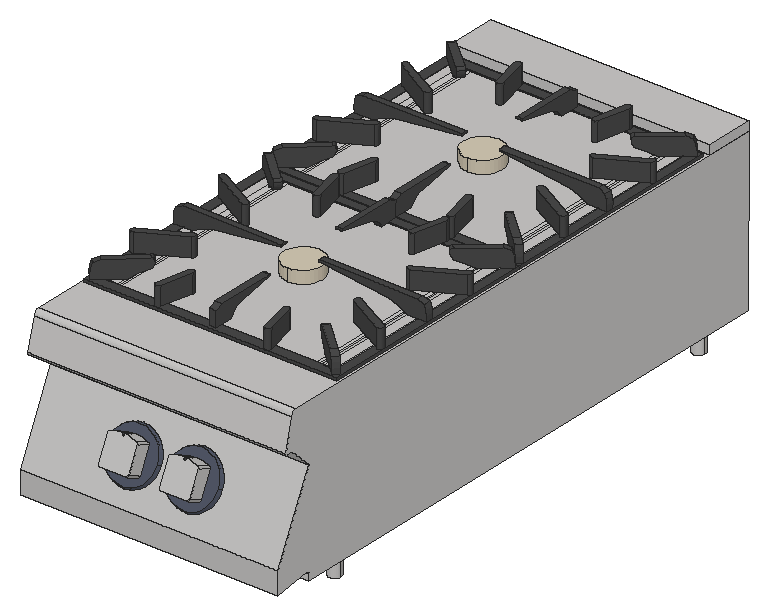
Revit family "QF_ZANUSSI_392001_Z9GCGD2S0M", category Specialty Equipment, Revit 2018
Family settings
  Round Connector Dimension = Use Diameter
  Part Type = Normal
  Work Plane-Based = No
  Always vertical = Yes
  Cut with Voids When Loaded = No
  Shared = No
  Room Calculation Point = No
Parameters
  Weight in Pounds = 43
  Weight = 0.00 kg
  Watts = 0 W
  Volts = 0 V
  URL Manufacturer = "http://www.zanussiprofessional.com"
  URL Cutsheet = "www.electrolux.com"
  URL = "http://www.zanussiprofessional.com"
  Type Mark [instance] = ""
  Steam Supply Size = 0"
  Steam Supply Minimum Pressure = 0.00 psi
  Steam Supply Maximum Pressure = 0.00 psi
  Steam Pounds per Hour = 0
  Refrigeration Suction Line Size = 0"
  Refrigeration Liquid Line Size = 0"
  Refrigerant Compressor Remote = yes
  Phase = 0
  Length Actual = 400 mm  # constant formula
  Hot Water Size = 0"
  Height Actual = 250 mm  # constant formula
  HP = "0 HP"
  Direct Waste Size = 0"
  Depth Actual = 900 mm  # constant formula
  Cycle = 0 Hz
  Condensate Return Size = 0"
  Compressed Air Volume = 0 GPM
  Compressed Air Size = 0"
  Compressed Air Pressure = 0.00 psi
  Type Comments = ""
  Status [instance] = ""
  Specification by User [instance] = ""
  Specification by Manufacturer = ""
  Show Logo [instance] = yes
  Show Clearance [instance] = yes
  Serial Number = ""
  Seismic Rating = ""
  SMACNA No = ""
  Revision Code [instance] = ""
  Omniclass Number and Title = ""
  NAFEM Spec ID Number = ""
  Model = "Z9GCGD2S0M"
  Mechanical Remarks [instance] = ""
  Mechanical Connection Type [instance] = ""
  Masterspec = ""
  Manufacturer = "Zanussi"
  Item Number [instance] = "392001"
  Installed By [instance] = ""
  Identify Quantity as Lot [instance] = yes
  Gas Size = 1/2"
  Gas RI Height [instance] = 0 mm
  Gas KW [instance] = 20
  Gas Input [instance] = 0.672036 Btu/h
  Gas Connection Height = 0 mm
  Furnished By [instance] = ""
  Foodservice Equipment Identifier [instance] = yes
  Description = "2-BURNER (10KW) GAS BOILING TOP 400 MM"
  Cold Water Size = 0"
  CSI MasterFormat = ""
  CSI Master Format = ""
  Accessory = yes
Reference planes
  plane 1 "BACK": y = 0
  plane 2: z = 0
  plane 3 "LEFT": x = 0
  plane 4 "RIGHT": x = 400.05
  plane 5 "FRONT": y = -915
  plane 6 "TOP": z = 309.563
  plane 7 "Center Y": x = 200.025
  plane 8 "Center X": y = -457.5
  plane 9: z = 23.812
  plane 10: z = 274.638
  plane 11: y = -82
  plane 12: x = 347.663
  plane 13: y = -900.275
  plane 14: y = -790
  plane 15: y = -666
  plane 16: y = -609
  plane 17: x = 249.05
Forms (mm)
  Extrusion 1, solid, material "QF_Finishes_Stainless Steel"
    sketch origin (0, 0, 0) x (0, 1, 0) y (0, 0, 1)
      loop
        line (0, 23.813) -> (0, 273.813) -> (-879.358, 273.813)
        arc (-879.358, 273.813) -> (-884.643, 271.623) -> (-886.833, 266.338) r 7.474
        line (-886.833, 266.338) -> (-899.884, 220.823)
        arc (-899.884, 220.823) -> (-899.396, 218.191) -> (-897, 216.996) r 3
        line (-897, 216.996) -> (-886.802, 216.996) -> (-854.982, 185.177) -> (-915, 64.321) -> (-915, 29.321) -> (-858.645, 37.241)
        arc (-858.645, 37.241) -> (-856.101, 36.487) -> (-855, 34.072) r 3.2
        line (-855, 34.072) -> (-855, 23.813) -> (0, 23.813)
    from 0 to 400.05
  Extrusion 2, solid, material "QF_Finishes_Stainless Steel"
    sketch origin (0, -836.697, 23.813) x (1, 0, 0) y (0, -1, 0)
      loop
        circle (388.937, -754.697) r 9.5
      loop
        circle (388.937, -46.697) r 9.5
      loop
        circle (11.112, -754.697) r 9.5
      loop
        circle (11.112, -61.972) r 9.5
    from 0 to 23.812
  Extrusion 3, solid, material "QF_Finishes_Stainless Steel"
    sketch origin (0, -836.697, 23.813) x (1, 0, 0) y (0, -1, 0)
      loop
        circle (347.663, -170.697) r 6.4
      loop
        circle (249.05, -227.697) r 6.4
    from 0 to 20
  Extrusion 4, solid, material "QF_Finishes_Stainless Steel"
    sketch origin (0, 0, 0) x (0, 1, 0) y (0, 0, 1)
      loop
        line (0, 274.638) -> (0, 288.925) -> (-75.65, 288.925) -> (-75.65, 274.638) -> (0, 274.638)
    from 0 to 400.05
  Extrusion 5, solid, material "QF_Clearances", visible <- "Show Clearance", detail levels coarse
    sketch origin (0, 0, 0) x (1, 0, 0) y (0, 1, 0)
      loop
        line (0, -915) -> (0, 0) -> (400.05, 0) -> (400.05, -914.604) -> (500.063, -914.604) -> (500.063, 100.013) -> (-100.012, 100.013) -> (-100.012, -915) -> (0, -915)
    from 0 to 309.562
  Blend 6, solid, material "QF_Finishes_Navy Blue"
    base sketch origin (152.525, -884.991, 124.749) x (1, 0, 0) y (0, 0.444781, 0.895639)
      loop
        circle (0, 0) r 42.5
    top sketch origin (152.525, -884.991, 124.749) x (1, 0, 0) y (0, 0.444781, 0.895639)
      loop
        circle (0, 0) r 40.5
    from 0 to 5
  Extrusion 7, solid, material "QF_Finishes_Stainless Steel"
    sketch origin (152.525, -884.991, 124.749) x (1, 0, 0) y (0, 0.444781, 0.895639)
      loop
        arc (-21.147, 22.789) -> (-22.494, 21.685) -> (-23, 20.019) r 2.997
        line (-23, 20.019) -> (-23, -20.019)
        arc (-23, -20.019) -> (-22.122, -22.138) -> (-20.003, -23.016) r 2.997
        line (-20.003, -23.016) -> (20.003, -23.016)
        arc (20.003, -23.016) -> (22.122, -22.138) -> (23, -20.019) r 2.997
        line (23, -20.019) -> (23, 20.019)
        arc (23, 20.019) -> (22.494, 21.685) -> (21.147, 22.789) r 2.997
        arc (21.147, 22.789) -> (0, 26.984) -> (-21.147, 22.789) r 55.4
    from 10 to 34
  Extrusion 8, solid, material "QF_Plastic-Black-Matte"
    sketch origin (210.025, -884.991, 124.749) x (0, 0.444781, 0.895639) y (0, -0.895639, 0.444781)
      loop
        line (26.984, 34) -> (26.984, 19) -> (27.984, 19) -> (27.984, 34)
        arc (27.984, 34) -> (27.691, 34.707) -> (26.984, 35) r 1
        line (26.984, 35) -> (23.984, 35) -> (23.984, 34) -> (26.984, 34)
    from -58.5 to -56.5
  Extrusion 9, solid, material "QF_Finishes_Stainless Steel"
    sketch origin (152.525, -884.991, 124.749) x (1, 0, 0) y (0, 0.444781, 0.895639)
      loop
        line (17.5, 17.5) -> (-17.5, 17.5) -> (-17.5, -17.5) -> (17.5, -17.5) -> (17.5, 17.5)
    from 5 to 10
  Blend 10, solid, material "QF_Finishes_Navy Blue"
    base sketch origin (247.525, -884.991, 124.749) x (1, 0, 0) y (0, 0.444781, 0.895639)
      loop
        circle (0, 0) r 42.5
    top sketch origin (247.525, -884.991, 124.749) x (1, 0, 0) y (0, 0.444781, 0.895639)
      loop
        circle (0, 0) r 40.5
    from 0 to 5
  Extrusion 11, solid, material "QF_Finishes_Stainless Steel"
    sketch origin (247.525, -884.991, 124.749) x (1, 0, 0) y (0, 0.444781, 0.895639)
      loop
        arc (-21.147, 22.789) -> (-22.494, 21.685) -> (-23, 20.019) r 2.997
        line (-23, 20.019) -> (-23, -20.019)
        arc (-23, -20.019) -> (-22.122, -22.138) -> (-20.003, -23.016) r 2.997
        line (-20.003, -23.016) -> (20.003, -23.016)
        arc (20.003, -23.016) -> (22.122, -22.138) -> (23, -20.019) r 2.997
        line (23, -20.019) -> (23, 20.019)
        arc (23, 20.019) -> (22.494, 21.685) -> (21.147, 22.789) r 2.997
        arc (21.147, 22.789) -> (0, 26.984) -> (-21.147, 22.789) r 55.4
    from 10 to 34
  Extrusion 12, solid, material "QF_Finishes_Stainless Steel"
    sketch origin (247.525, -884.991, 124.749) x (1, 0, 0) y (0, 0.444781, 0.895639)
      loop
        line (17.5, 17.5) -> (-17.5, 17.5) -> (-17.5, -17.5) -> (17.5, -17.5) -> (17.5, 17.5)
    from 5 to 10
  Extrusion 13, solid, material "QF_Plastic-Black-Matte"
    sketch origin (190.025, -884.991, 124.749) x (0, 0.444781, 0.895639) y (0, 0.895639, -0.444781)
      loop
        line (26.984, -34) -> (23.984, -34) -> (23.984, -35) -> (26.984, -35)
        arc (26.984, -35) -> (27.691, -34.707) -> (27.984, -34) r 1
        line (27.984, -34) -> (27.984, -19) -> (26.984, -19) -> (26.984, -34)
    from -58.5 to -56.5
Lines and regions (mm)
  Split face 1
    outline origin (152.525, -889.469, 126.972) x (1, 0, 0) y (0, 0.444781, 0.895639)
      loop
        circle (-33, 0) r 3
  Split face 2
    outline origin (158.426, -889.469, 126.972) x (1, 0, 0) y (0, 0.444781, 0.895639)
      loop
        line (-8.901, 38.561) -> (-8.901, 28.561) -> (-2.901, 28.561) -> (-2.901, 38.561) -> (-8.901, 38.561)
  Split face 3
    outline origin (158.426, -889.469, 126.972) x (1, 0, 0) y (0, 0.444781, 0.895639)
      loop
        line (-8.401, 38.061) -> (-8.401, 29.061) -> (-3.401, 29.061) -> (-3.401, 38.061) -> (-8.401, 38.061)
  Split face 4
    outline origin (178.182, -875.159, 155.788) x (-1, 0, 0) y (0, -0.444781, -0.895639)
      loop
        circle (43.456, 61.543) r 1.5
  Split face 5
    outline origin (152.525, -889.469, 126.972) x (1, 0, 0) y (0, 0.444781, 0.895639)
      loop
        circle (-24.487, 26.694) r 3.497
  Split face 6
    outline origin (158.426, -859.615, 187.089) x (1, 0, 0) y (0, 0.444781, 0.895639)
      loop
        line (-8.401, -34.061) -> (-3.401, -34.061)
  Split face 7
    outline origin (158.426, -859.615, 187.089) x (1, 0, 0) y (0, 0.444781, 0.895639)
      loop
        line (-8.401, -33.561) -> (-3.401, -33.561)
  Split face 8
    outline origin (158.426, -859.615, 187.089) x (1, 0, 0) y (0, 0.444781, 0.895639)
      loop
        circle (-5.901, -31.311) r 2.029
  Split face 9
    outline origin (253.426, -889.469, 126.972) x (1, 0, 0) y (0, 0.444781, 0.895639)
      loop
        line (-8.901, 38.561) -> (-8.901, 28.561) -> (-2.901, 28.561) -> (-2.901, 38.561) -> (-8.901, 38.561)
  Split face 10
    outline origin (253.426, -889.469, 126.972) x (1, 0, 0) y (0, 0.444781, 0.895639)
      loop
        line (-8.401, 38.061) -> (-8.401, 29.061) -> (-3.401, 29.061) -> (-3.401, 38.061) -> (-8.401, 38.061)
  Split face 11
    outline origin (253.426, -889.469, 126.972) x (1, 0, 0) y (0, 0.444781, 0.895639)
      loop
        line (-8.401, 34.061) -> (-3.401, 34.061)
  Split face 12
    outline origin (253.426, -889.469, 126.972) x (1, 0, 0) y (0, 0.444781, 0.895639)
      loop
        line (-8.401, 33.561) -> (-3.401, 33.561)
  Split face 13
    outline origin (253.426, -889.469, 126.972) x (1, 0, 0) y (0, 0.444781, 0.895639)
      loop
        circle (-5.901, 31.311) r 2.029
  Split face 14
    outline origin (247.525, -889.469, 126.972) x (1, 0, 0) y (0, 0.444781, 0.895639)
      loop
        circle (-33, 0) r 3
  Split face 15
    outline origin (273.182, -875.159, 155.788) x (-1, 0, 0) y (0, -0.444781, -0.895639)
      loop
        circle (43.456, 61.543) r 1.5
  Split face 16
    outline origin (247.525, -889.469, 126.972) x (1, 0, 0) y (0, 0.444781, 0.895639)
      loop
        circle (-24.487, 26.694) r 3.497
  symbolic lines, style "QF_Clearances", visible <- "Show Clearance", detail levels coarse
    curve 1: line (-100.013, -915, 0) -> (-100.013, 100.013, 0)
    curve 2: line (-100.012, 100.013, 0) -> (500.063, 100.013, 0)
    curve 3: line (500.063, 100.013, 0) -> (500.063, -914.604, 0)
  symbolic lines
    curve 4: line (0, 0, 0) -> (400.05, 0, 0)
    curve 5: line (400.05, 0, 0) -> (400.05, -915, 0)
    curve 6: line (0, -915, 0) -> (0, 0, 0)
    curve 7: line (0, -75.65, 0) -> (400.05, -75.65, 0)
    curve 8: line (0, -900, 0) -> (400.05, -900, 0)
    curve 9: line (129.525, -900, 0) -> (129.525, -924.347, 0)
    curve 10: arc (129.525, -924.347, 0) -> (129.671, -924.811, 0) -> (130.057, -925.107, 0) r 0.809
    curve 11: arc (130.057, -925.107, 0) -> (131.245, -925.587, 0) -> (132.522, -925.68, 0) r 4.127
    curve 12: arc (129.525, -904.292, 0) -> (124.484, -902.458, 0) -> (119.716, -900, 0) r 42.24
    curve 13: arc (129.525, -906.539, 0) -> (130.027, -905.818, 0) -> (130.824, -905.448, 0) r 1.682
    curve 14: arc (130.824, -905.448, 0) -> (141.127, -903.95, 0) -> (151.525, -903.441, 0) r 109.079
    curve 15: line (151.525, -900, 0) -> (151.525, -905.671, 0)
    curve 16: line (151.525, -905.671, 0) -> (153.525, -905.671, 0)
    curve 17: line (153.525, -905.671, 0) -> (153.525, -900, 0)
    curve 18: line (175.525, -900, 0) -> (175.525, -924.347, 0)
    curve 19: arc (175.525, -924.347, 0) -> (175.379, -924.811, 0) -> (174.993, -925.107, 0) r 0.809
    curve 20: arc (174.993, -925.107, 0) -> (173.805, -925.587, 0) -> (172.528, -925.68, 0) r 4.127
    curve 21: arc (175.525, -904.292, 0) -> (180.566, -902.458, 0) -> (185.334, -900, 0) r 42.24
    curve 22: arc (175.525, -906.539, 0) -> (175.023, -905.818, 0) -> (174.226, -905.448, 0) r 1.682
    curve 23: arc (174.226, -905.448, 0) -> (163.923, -903.95, 0) -> (153.525, -903.441, 0) r 109.079
    curve 24: line (132.522, -925.68, 0) -> (172.528, -925.68, 0)
    curve 25: line (270.525, -900, 0) -> (270.525, -924.347, 0)
    curve 26: arc (270.525, -924.347, 0) -> (270.379, -924.811, 0) -> (269.993, -925.107, 0) r 0.809
    curve 27: arc (269.993, -925.107, 0) -> (268.805, -925.587, 0) -> (267.528, -925.68, 0) r 4.127
    curve 28: arc (270.525, -904.292, 0) -> (275.566, -902.458, 0) -> (280.334, -900, 0) r 42.24
    curve 29: arc (270.525, -906.539, 0) -> (270.023, -905.818, 0) -> (269.226, -905.448, 0) r 1.682
    curve 30: arc (269.226, -905.448, 0) -> (258.923, -903.95, 0) -> (248.525, -903.441, 0) r 109.079
    curve 31: line (248.525, -900, 0) -> (248.525, -905.671, 0)
    curve 32: line (248.525, -905.671, 0) -> (246.525, -905.671, 0)
    curve 33: line (246.525, -905.671, 0) -> (246.525, -900, 0)
    curve 34: line (224.525, -900, 0) -> (224.525, -924.347, 0)
    curve 35: arc (224.525, -924.347, 0) -> (224.671, -924.811, 0) -> (225.057, -925.107, 0) r 0.809
    curve 36: arc (225.057, -925.107, 0) -> (226.245, -925.587, 0) -> (227.522, -925.68, 0) r 4.127
    curve 37: arc (224.525, -904.292, 0) -> (219.484, -902.458, 0) -> (214.716, -900, 0) r 42.24
    curve 38: arc (224.525, -906.539, 0) -> (225.027, -905.818, 0) -> (225.824, -905.448, 0) r 1.682
    curve 39: arc (225.824, -905.448, 0) -> (236.127, -903.95, 0) -> (246.525, -903.441, 0) r 109.079
    curve 40: line (267.528, -925.68, 0) -> (227.522, -925.68, 0)
    curve 41: line (175.525, -915, 0) -> (224.525, -915, 0)
    curve 42: line (270.525, -915, 0) -> (400.05, -915, 0)
    curve 43: line (0, -915, 0) -> (129.525, -915, 0)
Dimensions and locks
  equal spacing: plane 3 "LEFT", plane 7 "Center Y", plane 4 "RIGHT"
  plane 3 "LEFT" to plane 4 "RIGHT" = 400.05 mm
  equal spacing: plane 5 "FRONT", plane 8 "Center X", plane 1 "BACK"
  plane 5 "FRONT" to plane 1 "BACK" = 915 mm  (x2)
  plane 6 "TOP" to plane 2 = 309.562 mm
  plane 9 to plane 2 = 23.812 mm  (x2)
  plane 6 "TOP" to plane 10 = 34.925 mm
  plane 10 to plane 2 = 274.638 mm
  plane 4 "RIGHT" to plane 12 = 52.388 mm
  Extrusion 3 to plane 9 = 20 mm
  plane 11 to plane 1 "BACK" = 82 mm
  Extrusion 3 sketch curve to plane 4 "RIGHT" = 52.388 mm
  Extrusion 3 sketch curve to plane 1 "BACK" = 666 mm
  Extrusion 3 sketch curve to plane 4 "RIGHT" = 151 mm
  Extrusion 3 sketch curve to plane 1 "BACK" = 609 mm
  Extrusion 2 sketch curve to plane 1 "BACK" = 82 mm
  Extrusion 2 sketch curve to Extrusion 2 sketch curve = 708 mm
  plane 3 "LEFT" to Extrusion 2 sketch curve = 11.112 mm
  plane 14 to plane 11 = 708 mm
  plane 13 to plane 14 = 110.275 mm
  plane 16 to plane 1 "BACK" = 609 mm
  plane 15 to plane 1 "BACK" = 666 mm
  plane 17 to plane 4 "RIGHT" = 151 mm
  plane 13 to plane 5 "FRONT" = 14.725 mm
  aligned and locked: level to plane 2
  aligned and locked: Extrusion 2 to plane 2
  aligned and locked: Extrusion 1 to plane 4 "RIGHT"
  aligned and locked: plane 6 "TOP" to Extrusion 5
Automatic sketch dimensions
  Extrusion 4 sketch curve to plane 10 = 0 mm
  Extrusion 4 sketch curve to plane 1 "BACK" = 0 mm
  plane 11 to Extrusion 4 sketch curve = 6.35 mm
  Extrusion 4 sketch curve to Extrusion 4 sketch curve = 14.288 mm
  plane 5 "FRONT" to Extrusion 5 sketch curve = 0 mm
  plane 1 "BACK" to Extrusion 5 sketch curve = 0 mm
  Extrusion 5 sketch curve to plane 3 "LEFT" = 0 mm
  Extrusion 5 sketch curve to plane 4 "RIGHT" = 0 mm
  Extrusion 5 sketch curve to plane 3 "LEFT" = 100.012 mm
  Extrusion 5 sketch curve to plane 4 "RIGHT" = 100.013 mm
  Extrusion 5 sketch curve to plane 5 "FRONT" = 0.396 mm
  Extrusion 5 sketch curve to plane 1 "BACK" = 100.013 mm
  plane 5 "FRONT" to curve 1 = 0 mm
  curve 5 to plane 4 "RIGHT" = 0 mm
  plane 1 "BACK" to curve 4 = 0 mm
  curve 1 to curve 6 = 100.013 mm
  curve 2 to plane 4 "RIGHT" = 100.013 mm
  curve 3 to plane 5 "FRONT" = 0.396 mm
  plane 11 to curve 7 = 6.35 mm
  curve 2 to plane 1 "BACK" = 100.013 mm
  plane 9 to Extrusion 1 sketch curve = 5.508 mm
  plane 5 "FRONT" to Extrusion 1 sketch curve = 0 mm
  Extrusion 1 sketch curve to plane 10 = 53.814 mm
  Extrusion 1 sketch curve to plane 5 "FRONT" = 15.116 mm
  Extrusion 1 sketch curve to Extrusion 1 sketch curve = 2.884 mm
  Extrusion 1 sketch curve to plane 10 = 8.299 mm
  Extrusion 1 sketch curve to Extrusion 1 sketch curve = 13.051 mm
  Extrusion 1 sketch curve to plane 10 = 57.641 mm
  Extrusion 1 sketch curve to Extrusion 1 sketch curve = 10.198 mm
  Extrusion 1 sketch curve to plane 10 = 0.825 mm
  plane 9 to Extrusion 1 sketch curve = 13.428 mm
  Extrusion 1 sketch curve to Extrusion 1 sketch curve = 56.355 mm
  Extrusion 1 sketch curve to Extrusion 1 sketch curve = 0.445 mm
  Extrusion 1 sketch curve to Extrusion 1 sketch curve = 3.2 mm
  Extrusion 1 sketch curve to Extrusion 1 sketch curve = 31.82 mm  (x2)
  plane 11 to Extrusion 1 sketch curve = 82 mm
  Extrusion 1 sketch curve to Extrusion 1 sketch curve = 35 mm
  Extrusion 2 sketch curve to plane 11 = 0 mm
  plane 3 "LEFT" to Extrusion 2 sketch curve = 11.112 mm
  plane 4 "RIGHT" to Extrusion 2 sketch curve = 11.113 mm  (x2)
  plane 14 to Extrusion 2 sketch curve = 15.275 mm
  Split face 2 sketch curve to Split face 2 sketch curve = 6 mm
  Split face 2 sketch curve to Split face 2 sketch curve = 10 mm
  Split face 3 sketch curve to Split face 3 sketch curve = 5 mm
  Split face 3 sketch curve to Split face 3 sketch curve = 9 mm
  Split face 6 sketch curve to Split face 6 sketch curve = 5 mm
  Split face 7 sketch curve to Split face 7 sketch curve = 5 mm
  Split face 9 sketch curve to Split face 9 sketch curve = 6 mm
  Split face 9 sketch curve to Split face 9 sketch curve = 10 mm
  Split face 10 sketch curve to Split face 10 sketch curve = 5 mm
  Split face 10 sketch curve to Split face 10 sketch curve = 9 mm
  Split face 11 sketch curve to Split face 11 sketch curve = 5 mm
  Split face 12 sketch curve to Split face 12 sketch curve = 5 mm
  Blend 6 sketch curve to plane 7 "Center Y" = 47.5 mm  (x2)
  Extrusion 7 sketch curve to plane 7 "Center Y" = 70.5 mm
  Extrusion 7 sketch curve to Extrusion 7 sketch curve = 2.997 mm  (x3)
  Extrusion 7 sketch curve to Extrusion 7 sketch curve = 20.003 mm  (x2)
  Extrusion 7 sketch curve to plane 7 "Center Y" = 27.497 mm
  Extrusion 7 sketch curve to Extrusion 7 sketch curve = 5.399 mm
  Extrusion 7 sketch curve to Extrusion 7 sketch curve = 40.037 mm
  Extrusion 7 sketch curve to Extrusion 7 sketch curve = 0 mm  (x2)
  Extrusion 8 sketch curve to plane 10 = 112.841 mm
  Extrusion 8 sketch curve to plane 5 "FRONT" = 9.329 mm
  Extrusion 8 sketch curve to Extrusion 8 sketch curve = 3 mm
  Extrusion 8 sketch curve to Extrusion 8 sketch curve = 0 mm  (x2)
  Extrusion 8 sketch curve to Extrusion 8 sketch curve = 1 mm
  Extrusion 8 sketch curve to Extrusion 8 sketch curve = 15 mm
  Extrusion 9 sketch curve to plane 7 "Center Y" = 65 mm
  Extrusion 9 sketch curve to plane 7 "Center Y" = 30 mm
  Extrusion 9 sketch curve to Extrusion 9 sketch curve = 35 mm
  Blend 10 sketch curve to plane 17 = 1.525 mm  (x2)
  plane 7 "Center Y" to Extrusion 11 sketch curve = 24.5 mm
  Extrusion 11 sketch curve to Extrusion 11 sketch curve = 2.997 mm  (x3)
  Extrusion 11 sketch curve to plane 17 = 1.525 mm
  plane 17 to Extrusion 11 sketch curve = 18.478 mm  (x2)
  Extrusion 11 sketch curve to Extrusion 11 sketch curve = 5.399 mm
  Extrusion 11 sketch curve to Extrusion 11 sketch curve = 40.037 mm
  Extrusion 11 sketch curve to Extrusion 11 sketch curve = 0 mm  (x2)
  Extrusion 12 sketch curve to plane 17 = 19.025 mm
  plane 17 to Extrusion 12 sketch curve = 15.975 mm
  Extrusion 12 sketch curve to Extrusion 12 sketch curve = 35 mm
  Extrusion 13 sketch curve to plane 10 = 112.841 mm
  Extrusion 13 sketch curve to plane 5 "FRONT" = 9.329 mm
  Extrusion 13 sketch curve to Extrusion 13 sketch curve = 3 mm
  Extrusion 13 sketch curve to Extrusion 13 sketch curve = 0 mm
  Extrusion 13 sketch curve to Extrusion 13 sketch curve = 1 mm  (x2)
  Extrusion 13 sketch curve to Extrusion 13 sketch curve = 15 mm
  curve 6 to plane 3 "LEFT" = 0 mm
  plane 5 "FRONT" to curve 5 = 0 mm
  plane 5 "FRONT" to curve 43 = 0 mm
  plane 5 "FRONT" to curve 41 = 0 mm
  curve 10 to plane 7 "Center Y" = 69.691 mm
  curve 13 to plane 13 = 6.831 mm
  curve 10 to curve 13 = 0.774 mm
  curve 10 to curve 11 = 1.846 mm
  curve 13 to curve 12 = 10.309 mm
  curve 14 to plane 7 "Center Y" = 48.369 mm
  curve 14 to curve 23 = 1.738 mm
  curve 12 to curve 21 = 22.215 mm
  plane 5 "FRONT" to curve 20 = 6.567 mm
  curve 20 to plane 7 "Center Y" = 27.154 mm
  curve 22 to plane 13 = 6.831 mm
  curve 20 to curve 22 = 1.071 mm
  curve 35 to plane 17 = 23.716 mm
  curve 38 to plane 13 = 6.831 mm
  curve 35 to curve 38 = 0.774 mm
  curve 35 to curve 36 = 1.846 mm
  curve 37 to plane 17 = 12.633 mm
  curve 39 to plane 17 = 2.394 mm
  curve 30 to plane 17 = 0.656 mm
  plane 17 to curve 28 = 9.583 mm
  plane 5 "FRONT" to curve 27 = 6.567 mm
  plane 17 to curve 27 = 18.821 mm
  curve 29 to plane 13 = 6.831 mm
  curve 27 to curve 29 = 1.071 mm
  curve 14 to curve 10 = 88.173 mm
  curve 39 to curve 35 = 88.173 mm
  curve 39 to curve 30 = 0 mm
  curve 14 to curve 23 = 0 mm
  curve 19 to curve 20 = 2.779 mm
  curve 26 to curve 27 = 2.779 mm
  curve 35 to curve 36 = 2.779 mm
  curve 10 to curve 11 = 2.779 mm
  plane 13 to curve 21 = 36.514 mm
  plane 13 to curve 37 = 36.514 mm
  curve 37 to curve 28 = 0 mm
  curve 12 to curve 21 = 0 mm
  curve 12 to curve 13 = 11.392 mm
  curve 9 to curve 10 = 0.809 mm
  curve 11 to curve 10 = 0.277 mm
  curve 13 to curve 13 = 0.284 mm
  curve 11 to curve 11 = 2.465 mm
  curve 16 to plane 13 = 5.396 mm
  curve 13 to curve 16 = 20.417 mm
  curve 14 to curve 23 = 2 mm
  curve 20 to curve 19 = 2.189 mm
  curve 22 to curve 22 = 0.284 mm
  curve 19 to curve 20 = 0.277 mm
  curve 19 to curve 19 = 0.809 mm
  curve 23 to curve 21 = 1.299 mm
  curve 18 to curve 21 = 9.809 mm
  curve 37 to curve 38 = 11.392 mm
  curve 37 to curve 38 = 1.583 mm
  curve 35 to curve 35 = 0.277 mm
  curve 38 to curve 38 = 0.284 mm
  curve 35 to curve 40 = 2.465 mm
  curve 39 to plane 17 = 2.525 mm
  curve 32 to plane 17 = 0.525 mm
  curve 40 to curve 26 = 2.189 mm
  curve 29 to curve 29 = 0.284 mm
  curve 26 to curve 26 = 0.277 mm
  curve 26 to curve 25 = 0.809 mm
  curve 30 to curve 28 = 1.299 mm
  curve 25 to curve 28 = 9.809 mm
  curve 38 to curve 38 = 0.567 mm
  curve 22 to curve 22 = 0.567 mm
  curve 29 to curve 29 = 0.567 mm
  curve 13 to curve 13 = 0.567 mm
  curve 31 to plane 13 = 5.396 mm
  plane 13 to curve 31 = 0.275 mm
  plane 9 to Extrusion 1 sketch curve = 0 mm
  radius of Extrusion 3 sketch curve = 6.4 mm  (x2)
  radius of Extrusion 2 sketch curve = 9.5 mm  (x4)
  radius of Split face 1 sketch curve = 3 mm
  radius of Split face 4 sketch curve = 1.5 mm
  radius of Split face 5 sketch curve = 3.497 mm
  radius of Split face 8 sketch curve = 2.029 mm
  radius of Split face 13 sketch curve = 2.029 mm
  radius of Split face 14 sketch curve = 3 mm
  radius of Split face 15 sketch curve = 1.5 mm
  radius of Split face 16 sketch curve = 3.497 mm
  radius of Blend 6 sketch curve = 42.5 mm
  radius of Blend 6 sketch curve = 40.5 mm
  radius of Blend 10 sketch curve = 42.5 mm
  radius of Blend 10 sketch curve = 40.5 mm
Nested families
  nested 1: "QF_392001_BURNER" at (3.175, -440.488, -576.213), type "QF_392001_BURNER"
    with Type Mark "", Status "", Specification by User "", Revision Code "", Item Number "", Installed By "", Identify Quantity as Lot yes, Furnished By "", Foodservice Equipment Identifier yes
  nested 2: "QF_392001_BURNER" at (3.175, -440.488, -576.213), type "QF_392001_BURNER"
    with Type Mark "", Status "", Specification by User "", Revision Code "", Item Number "", Installed By "", Identify Quantity as Lot yes, Furnished By "", Foodservice Equipment Identifier yes
Connectors
  piping at (347.663, -666, 3.813), diameter 12.8
    settings: on Extrusion 3, index 1, connector inside diameter 0.50394", connector length 0 mm, flow factor 0, pipe flow 0 GPM, pressure drop 0.00 psi, fitting loss kfactor 0, connector angle 0.00°, fixture units 0, engagement length 0 mm, angle of deflection 0.00°, flow configuration 1, flow direction 1, fitting loss method 0, system type 7, joint type 0, gender type 0, connector reference index -1, connector utility 0, adjustable connector no, is connector primary yes, connector description "GAS CONNECTION"
Definition of nested family "QF_392001_BURNER"
  Parameters
    Weight in Pounds = 0
    URL Cutsheet = ""
    URL = "www.electrolux.com"
    Type Mark [instance] = ""
    Status [instance] = ""
    Specification by User [instance] = ""
    Specification by Manufacturer = ""
    Show Clearance [instance] = yes
    Serial Number = ""
    Seismic Rating = ""
    SMACNA No = ""
    Revision Code [instance] = ""
    Omniclass Number and Title = ""
    NAFEM Spec ID Number = ""
    Model = "371009"
    Masterspec = ""
    Manufacturer = "ELECTROLUX"
    Item Number [instance] = ""
    Installed By [instance] = ""
    Identify Quantity as Lot [instance] = yes
    Furnished By [instance] = ""
    Foodservice Equipment Identifier [instance] = yes
    Description = ""
    CSI MasterFormat = ""
    CSI Master Format = ""
  Reference planes
    plane 1 "BACK": y = 0
    plane 2: z = 0
    plane 3 "LEFT": x = 0
    plane 4 "RIGHT": x = 393.7
    plane 5 "FRONT": y = -355.6
    plane 6 "TOP": z = 908.85
    plane 7 "Center Y": x = 196.85
    plane 8 "Center X": y = -177.8
    plane 9 "Base": z = 150
    plane 10: z = 850.85
  Forms (mm)
    Extrusion 1, solid
      sketch origin (-6.433, -404.961, 5) x (1, 0, 0) y (0, 0, -1)
        loop
          arc (7.142, -850.85) -> (6.739, -862.989) -> (9.761, -874.752) r 42.809
          line (9.761, -874.752) -> (19.961, -879.425) -> (173.122, -879.425)
          arc (173.122, -879.425) -> (174.316, -878.312) -> (173.289, -877.043) r 1.197
          line (173.289, -877.043) -> (64.848, -864.021)
          arc (64.848, -864.021) -> (50.111, -858.738) -> (36.589, -850.85) r 85.245
          line (36.589, -850.85) -> (7.142, -850.85)
        loop
          line (399.424, -850.85) -> (369.977, -850.85)
          arc (369.977, -850.85) -> (356.455, -858.738) -> (341.718, -864.021) r 85.245
          line (341.718, -864.021) -> (233.277, -877.043)
          arc (233.277, -877.043) -> (232.25, -878.312) -> (233.444, -879.425) r 1.197
          line (233.444, -879.425) -> (386.605, -879.425) -> (396.806, -874.752)
          arc (396.806, -874.752) -> (399.827, -862.989) -> (399.424, -850.85) r 42.809
      from 224.564 to 234.564
    Extrusion 2, solid
      sketch origin (196.85, 175.397, 1219.2) x (0, 1, 0) y (0, 0, 1)
        loop
          line (-204.463, -363.35) -> (-175.397, -363.35) -> (-175.397, -339.506)
          arc (-175.397, -339.506) -> (-181.025, -338.266) -> (-185.611, -334.775) r 13.39
          line (-185.611, -334.775) -> (-278.903, -334.775)
          arc (-278.903, -334.775) -> (-280.097, -335.888) -> (-279.07, -337.157) r 1.197
          line (-279.07, -337.157) -> (-227.151, -347.464)
          arc (-227.151, -347.464) -> (-213.741, -352.457) -> (-204.463, -363.35) r 28.426
        loop
          arc (-496.332, -363.35) -> (-487.053, -352.457) -> (-473.644, -347.464) r 28.426
          line (-473.644, -347.464) -> (-421.725, -337.157)
          arc (-421.725, -337.157) -> (-420.697, -335.888) -> (-421.891, -334.775) r 1.197
          line (-421.891, -334.775) -> (-515.184, -334.775)
          arc (-515.184, -334.775) -> (-519.769, -338.266) -> (-525.397, -339.506) r 13.39
          line (-525.397, -339.506) -> (-525.397, -363.35) -> (-496.332, -363.35)
      from -5 to 5
    Extrusion 3, solid
      sketch origin (-6.433, 367.064, 850.85) x (0, -1, 0) y (1, 0, 0)
        loop
          line (722.664, 6.433) -> (722.664, 400.133) -> (367.064, 400.133) -> (367.064, 6.433) -> (722.664, 6.433)
        loop
          line (382.064, 21.433) -> (707.664, 21.433) -> (707.664, 385.133) -> (382.064, 385.133) -> (382.064, 21.433)
      from 0 to 5
    Extrusion 4, solid
      sketch origin (-18.933, 367.064, 855.85) x (0, -1, 0) y (1, 0, 0)
        loop
          circle (541.667, 215.783) r 30
      from -1.321 to 17.134
    Extrusion 5, solid
      sketch origin (-6.433, -367.064, 0) x (1, 0, 0) y (0, 0, -1)
        loop
          line (21.433, -855.85) -> (36.589, -855.85)
          arc (36.589, -855.85) -> (40.561, -855.243) -> (44.305, -853.783) r 18.259
          arc (44.305, -853.783) -> (45.997, -853.366) -> (47.69, -853.783) r 3.649
          arc (47.69, -853.783) -> (49.901, -854.522) -> (52.232, -854.529) r 7.328
          line (52.232, -854.529) -> (354.334, -854.529)
          arc (354.334, -854.529) -> (356.666, -854.522) -> (358.877, -853.783) r 7.328
          arc (358.877, -853.783) -> (360.569, -853.366) -> (362.261, -853.783) r 3.649
          arc (362.261, -853.783) -> (366.005, -855.243) -> (369.977, -855.85) r 18.259
          line (369.977, -855.85) -> (385.133, -855.85) -> (385.133, -850.85) -> (21.433, -850.85) -> (21.433, -855.85)
      from 26.464 to 352.064
    Extrusion 6, solid
      sketch origin (83.284, -458.334, 5) x (0.742103, 0.670286, 0) y (0, 0, -1)
        loop
          arc (88.629, -864.012) -> (73.909, -858.731) -> (60.402, -850.85) r 85.245
          line (60.402, -850.85) -> (14.993, -850.85)
          arc (14.993, -850.85) -> (14.642, -862.948) -> (17.686, -874.663) r 42.876
          line (17.686, -874.663) -> (27.899, -879.425) -> (89.664, -879.425)
          arc (89.664, -879.425) -> (92.39, -878.352) -> (93.654, -875.709) r 4
          arc (93.654, -875.709) -> (92.562, -869.25) -> (88.629, -864.012) r 13.87
        loop
          arc (457.638, -864.012) -> (453.704, -869.25) -> (452.613, -875.709) r 13.87
          arc (452.613, -875.709) -> (453.876, -878.352) -> (456.603, -879.425) r 4
          line (456.603, -879.425) -> (518.367, -879.425) -> (528.581, -874.663)
          arc (528.581, -874.663) -> (531.624, -862.948) -> (531.273, -850.85) r 42.876
          line (531.273, -850.85) -> (485.865, -850.85)
          arc (485.865, -850.85) -> (472.357, -858.731) -> (457.638, -864.012) r 85.245
      from 127.064 to 137.064
    Extrusion 7, solid
      sketch origin (310.416, -458.334, 5) x (-0.742103, 0.670286, 0) y (0, 0, 1)
        loop
          arc (88.629, 864.012) -> (92.562, 869.25) -> (93.654, 875.709) r 13.87
          arc (93.654, 875.709) -> (92.39, 878.352) -> (89.664, 879.425) r 4
          line (89.664, 879.425) -> (27.899, 879.425) -> (17.686, 874.663)
          arc (17.686, 874.663) -> (14.642, 862.948) -> (14.993, 850.85) r 42.876
          line (14.993, 850.85) -> (60.402, 850.85)
          arc (60.402, 850.85) -> (73.909, 858.731) -> (88.629, 864.012) r 85.245
        loop
          arc (457.638, 864.012) -> (472.357, 858.731) -> (485.865, 850.85) r 85.245
          line (485.865, 850.85) -> (531.273, 850.85)
          arc (531.273, 850.85) -> (531.624, 862.948) -> (528.581, 874.663) r 42.876
          line (528.581, 874.663) -> (518.367, 879.425) -> (456.603, 879.425)
          arc (456.603, 879.425) -> (453.876, 878.352) -> (452.613, 875.709) r 4
          arc (452.613, 875.709) -> (453.704, 869.25) -> (457.638, 864.012) r 13.87
      from 127.064 to 137.064
    Extrusion 8, solid
      sketch origin (-6.433, 367.064, 855.85) x (0, -1, 0) y (1, 0, 0)
        loop
          arc (626.166, 9.428) -> (632.956, 7.454) -> (634.93, 14.244) r 5
          line (634.93, 14.244) -> (600.514, 76.878)
          arc (600.514, 76.878) -> (593.724, 78.852) -> (591.75, 72.062) r 5
          line (591.75, 72.062) -> (626.166, 9.428)
        loop
          line (463.562, 9.428) -> (497.977, 72.062)
          arc (497.977, 72.062) -> (496.003, 78.852) -> (489.213, 76.878) r 5
          line (489.213, 76.878) -> (454.798, 14.244)
          arc (454.798, 14.244) -> (456.772, 7.454) -> (463.562, 9.428) r 5
        loop
          line (626.166, 397.138) -> (591.75, 334.504)
          arc (591.75, 334.504) -> (593.724, 327.714) -> (600.514, 329.689) r 5
          line (600.514, 329.689) -> (634.93, 392.323)
          arc (634.93, 392.323) -> (632.956, 399.113) -> (626.166, 397.138) r 5
        loop
          arc (463.562, 397.138) -> (456.772, 399.113) -> (454.798, 392.323) r 5
          line (454.798, 392.323) -> (489.213, 329.689)
          arc (489.213, 329.689) -> (496.003, 327.714) -> (497.977, 334.504) r 5
          line (497.977, 334.504) -> (463.562, 397.138)
        loop
          line (715.14, 293.499) -> (666.703, 282.317)
          arc (666.703, 282.317) -> (662.956, 276.32) -> (668.953, 272.573) r 5
          line (668.953, 272.573) -> (717.389, 283.756)
          arc (717.389, 283.756) -> (721.136, 289.752) -> (715.14, 293.499) r 5
        loop
          arc (715.14, 113.067) -> (721.136, 116.814) -> (717.389, 122.811) r 5
          line (717.389, 122.811) -> (668.953, 133.993)
          arc (668.953, 133.993) -> (662.956, 130.246) -> (666.703, 124.249) r 5
          line (666.703, 124.249) -> (715.14, 113.067)
        loop
          arc (374.588, 293.499) -> (368.591, 289.752) -> (372.338, 283.756) r 5
          line (372.338, 283.756) -> (420.775, 272.573)
          arc (420.775, 272.573) -> (426.771, 276.32) -> (423.024, 282.317) r 5
          line (423.024, 282.317) -> (374.588, 293.499)
        loop
          line (374.588, 113.067) -> (423.024, 124.249)
          arc (423.024, 124.249) -> (426.771, 130.246) -> (420.775, 133.993) r 5
          line (420.775, 133.993) -> (372.338, 122.811)
          arc (372.338, 122.811) -> (368.591, 116.814) -> (374.588, 113.067) r 5
      from 0 to 28.575
  Lines and regions (mm)
    symbolic lines
      curve 1: line (0, -355.6, 150) -> (393.7, -355.6, 150)
      curve 2: line (0, 0, 150) -> (0, -355.6, 150)
      curve 3: line (393.7, -355.6, 150) -> (393.7, 0, 150)
      curve 4: line (369.633, -15, 150) -> (285.34, -15, 150)
      curve 5: line (24.067, -340.6, 150) -> (108.36, -340.6, 150)
      curve 6: line (157.475, -170.397, 150) -> (157.475, -15, 150)
      curve 7: line (236.225, -170.397, 150) -> (236.225, -15, 150)
      curve 8: line (201.85, -350, 150) -> (201.85, -176.674, 150)
      curve 9: line (0, -180.397, 150) -> (167.224, -180.397, 150)
      curve 10: line (393.7, -170.397, 150) -> (228.275, -170.397, 150)
      curve 11: line (15, -180.397, 150) -> (15, -252.506, 150)
      curve 12: line (45.799, -340.6, 150) -> (45.799, -320.971, 150)
      curve 13: line (167.224, -170.397, 150) -> (0, -170.397, 150)
      curve 14: line (228.275, -180.504, 150) -> (393.7, -180.504, 150)
      curve 15: arc (228.275, -170.397, 150) -> (223.221, -175.45, 150) -> (228.275, -180.504, 150) r 5.054
      curve 16: arc (167.224, -170.397, 150) -> (172.224, -175.397, 150) -> (167.224, -180.397, 150) r 5
      curve 17: line (191.85, -176.674, 150) -> (191.85, -350, 150)
      curve 18: line (201.85, -134.556, 150) -> (201.85, -0.794, 150)
      curve 19: arc (201.85, -176.674, 150) -> (196.85, -171.674, 150) -> (191.85, -176.674, 150) r 5
      curve 20: arc (201.85, -134.556, 150) -> (196.85, -139.556, 150) -> (191.85, -134.556, 150) r 5
      curve 21: line (191.85, -15, 150) -> (118.623, -15, 150)
      curve 22: arc (201.85, -29.042, 150) -> (213.272, -50.008, 150) -> (201.85, -70.973, 150) r 24.953
      curve 23: arc (213.086, -53.048, 150) -> (214.5, -50.008, 150) -> (213.086, -46.967, 150) r 3.975
      curve 24: arc (191.85, -29.852, 150) -> (181.339, -50.008, 150) -> (191.85, -70.163, 150) r 24.58
      curve 25: arc (181.527, -53.042, 150) -> (179.976, -50.008, 150) -> (181.527, -46.973, 150) r 3.745
      curve 26: line (191.85, -0.794, 150) -> (191.85, -134.556, 150)
      curve 27: line (191.85, -350, 150) -> (201.85, -350, 150)
      curve 28: line (191.85, -11.007, 150) -> (201.85, -11.007, 150)
      curve 29: line (191.85, -0.794, 150) -> (201.85, -0.794, 150)
      curve 30: line (201.85, -340.6, 150) -> (275.077, -340.6, 150)
      curve 31: arc (196.85, -145.397, 0) -> (166.955, -172.888, 0) -> (191.85, -204.977, 0) r 30
      curve 32: arc (201.85, -204.977, 0) -> (226.745, -172.888, 0) -> (196.85, -145.397, 0) r 30
      curve 33: arc (158.678, -180.397, 0) -> (170.734, -200.207, 0) -> (191.85, -209.795, 0) r 39.375
      curve 34: line (163.825, -170.397, 150) -> (163.825, -15, 150)
      curve 35: line (229.875, -170.397, 150) -> (229.875, -15, 150)
      curve 36: line (144.775, -170.397, 150) -> (144.775, -15, 150)
      curve 37: line (248.925, -170.397, 150) -> (248.925, -15, 150)
      curve 38: arc (145.678, -180.397, 0) -> (161.728, -209.187, 0) -> (191.85, -222.573, 0) r 52.075
      curve 39: arc (201.85, -209.795, 0) -> (222.966, -200.207, 0) -> (235.022, -180.397, 0) r 39.375
      curve 40: arc (201.85, -222.573, 0) -> (231.931, -209.224, 0) -> (248.001, -180.504, 0) r 52.075
      curve 41: line (393.7, 0, 0) -> (0, 0, 0)
      curve 42: line (70.445, -122.149, 0) -> (7.81, -87.734, 0)
      curve 43: arc (7.81, -87.734, 0) -> (1.021, -89.708, 0) -> (2.995, -96.498, 0) r 5
      curve 44: line (2.995, -96.498, 0) -> (65.629, -130.914, 0)
      curve 45: arc (65.629, -130.914, 0) -> (72.419, -128.939, 0) -> (70.445, -122.149, 0) r 5
      curve 46: line (65.629, -224.686, 0) -> (2.995, -259.102, 0)
      curve 47: arc (2.995, -259.102, 0) -> (1.021, -265.892, 0) -> (7.81, -267.866, 0) r 5
      curve 48: line (7.81, -267.866, 0) -> (70.445, -233.451, 0)
      curve 49: arc (70.445, -233.451, 0) -> (72.419, -226.661, 0) -> (65.629, -224.686, 0) r 5
      curve 50: line (323.255, -122.149, 0) -> (385.89, -87.734, 0)
      curve 51: arc (385.89, -87.734, 0) -> (392.679, -89.708, 0) -> (390.705, -96.498, 0) r 5
      curve 52: line (390.705, -96.498, 0) -> (328.071, -130.914, 0)
      curve 53: arc (328.071, -130.914, 0) -> (321.281, -128.939, 0) -> (323.255, -122.149, 0) r 5
      curve 54: line (328.071, -224.686, 0) -> (390.705, -259.102, 0)
      curve 55: arc (390.705, -259.102, 0) -> (392.679, -265.892, 0) -> (385.89, -267.866, 0) r 5
      curve 56: line (385.89, -267.866, 0) -> (323.255, -233.451, 0)
      curve 57: arc (323.255, -233.451, 0) -> (321.281, -226.661, 0) -> (328.071, -224.686, 0) r 5
      curve 58: line (118.623, -340.6, 150) -> (191.85, -340.6, 150)
      curve 59: line (285.34, -340.6, 150) -> (369.633, -340.6, 150)
      curve 60: line (378.7, -335.314, 0) -> (378.7, -263.916, 0)
      curve 61: line (1.326, -7.935, 0) -> (58.752, -59.804, 0)
      curve 62: line (65.455, -52.383, 0) -> (8.029, -0.514, 0)
      curve 63: arc (58.752, -59.804, 0) -> (65.814, -59.445, 0) -> (65.455, -52.383, 0) r 5
      curve 64: line (1.326, -7.935, 0) -> (8.029, -0.514, 0)
      curve 65: line (392.374, -7.935, 0) -> (334.948, -59.804, 0)
      curve 66: line (328.245, -52.383, 0) -> (385.671, -0.514, 0)
      curve 67: arc (334.948, -59.804, 0) -> (327.886, -59.445, 0) -> (328.245, -52.383, 0) r 5
      curve 68: line (392.374, -7.935, 0) -> (385.671, -0.514, 0)
      curve 69: line (392.374, -347.665, 0) -> (334.948, -295.796, 0)
      curve 70: line (328.245, -303.217, 0) -> (385.671, -355.086, 0)
      curve 71: arc (334.948, -295.796, 0) -> (327.886, -296.155, 0) -> (328.245, -303.217, 0) r 5
      curve 72: line (392.374, -347.665, 0) -> (385.671, -355.086, 0)
      curve 73: line (1.326, -347.665, 0) -> (58.752, -295.796, 0)
      curve 74: line (65.455, -303.217, 0) -> (8.029, -355.086, 0)
      curve 75: arc (58.752, -295.796, 0) -> (65.814, -296.155, 0) -> (65.455, -303.217, 0) r 5
      curve 76: line (1.326, -347.665, 0) -> (8.029, -355.086, 0)
      curve 77: line (347.901, -15, 0) -> (347.901, -34.629, 0)
      curve 78: line (347.901, -320.971, 0) -> (347.901, -340.6, 0)
      curve 79: line (378.7, -252.506, 0) -> (378.7, -180.397, 0)
      curve 80: line (347.901, -246.993, 0) -> (347.901, -307.496, 0)
      curve 81: line (378.7, -170.397, 0) -> (378.7, -103.094, 0)
      curve 82: line (347.901, -180.397, 0) -> (347.901, -235.582, 0)
      curve 83: line (378.7, -91.684, 0) -> (378.7, -20.286, 0)
      curve 84: line (347.901, -120.018, 0) -> (347.901, -170.397, 0)
      curve 85: line (347.901, -48.104, 0) -> (347.901, -108.607, 0)
      curve 86: line (275.077, -15, 150) -> (201.85, -15, 150)
      curve 87: line (108.36, -15, 150) -> (24.067, -15, 150)
      curve 88: line (45.799, -40, 150) -> (45.799, -15, 150)
      curve 89: line (45.799, -108.607, 150) -> (45.799, -40, 150)
      curve 90: line (15, -20.286, 0) -> (15, -91.684, 0)
      curve 91: line (15, -103.094, 0) -> (15, -170.397, 0)
      curve 92: line (45.799, -170.397, 150) -> (45.799, -120.018, 150)
      curve 93: line (45.799, -235.582, 150) -> (45.799, -180.397, 150)
      curve 94: line (15, -263.916, 150) -> (15, -335.314, 150)
      curve 95: line (45.799, -307.496, 150) -> (45.799, -246.993, 150)
      curve 96: line (116.378, -350.325, 0) -> (127.56, -301.889, 0)
      curve 97: arc (127.56, -301.889, 0) -> (123.813, -295.892, 0) -> (117.816, -299.64, 0) r 5
      curve 98: line (117.816, -299.64, 0) -> (106.634, -348.076, 0)
      curve 99: arc (106.634, -348.076, 0) -> (110.381, -354.072, 0) -> (116.378, -350.325, 0) r 5
      curve 100: line (266.14, -301.889, 0) -> (277.322, -350.325, 0)
      curve 101: arc (277.322, -350.325, 0) -> (283.319, -354.072, 0) -> (287.066, -348.076, 0) r 5
      curve 102: line (287.066, -348.076, 0) -> (275.884, -299.64, 0)
      curve 103: arc (275.884, -299.64, 0) -> (269.887, -295.892, 0) -> (266.14, -301.889, 0) r 5
      curve 104: line (275.884, -55.96, 0) -> (287.066, -7.524, 0)
      curve 105: arc (287.066, -7.524, 0) -> (283.319, -1.528, 0) -> (277.322, -5.275, 0) r 5
      curve 106: line (277.322, -5.275, 0) -> (266.14, -53.711, 0)
      curve 107: arc (266.14, -53.711, 0) -> (269.887, -59.708, 0) -> (275.884, -55.96, 0) r 5
      curve 108: line (127.56, -53.711, 0) -> (116.378, -5.275, 0)
      curve 109: arc (116.378, -5.275, 0) -> (110.381, -1.528, 0) -> (106.634, -7.524, 0) r 5
      curve 110: line (106.634, -7.524, 0) -> (117.816, -55.96, 0)
      curve 111: arc (117.816, -55.96, 0) -> (123.813, -59.708, 0) -> (127.56, -53.711, 0) r 5
  Dimensions and locks
    equal spacing: plane 3 "LEFT", plane 7 "Center Y", plane 4 "RIGHT"
    plane 3 "LEFT" to plane 4 "RIGHT" = 393.7 mm
    equal spacing: plane 5 "FRONT", plane 8 "Center X", plane 1 "BACK"
    plane 5 "FRONT" to plane 1 "BACK" = 355.6 mm
    plane 6 "TOP" to level = 908.85 mm
    plane 9 "Base" to level = 150 mm
    plane 6 "TOP" to plane 10 = 58 mm  (x2)
    locked: Extrusion 4 sketch curve to plane 7 "Center Y" at 0
    aligned and locked: level to plane 2
  Automatic sketch dimensions
    curve 10 to plane 4 "RIGHT" = 0 mm
    curve 20 to plane 7 "Center Y" = 0 mm
    curve 19 to plane 7 "Center Y" = 0 mm
    curve 9 to plane 3 "LEFT" = 0 mm
    plane 1 "BACK" to curve 2 = 0 mm
    plane 1 "BACK" to curve 3 = 0 mm
    plane 5 "FRONT" to curve 2 = 0 mm
    curve 4 to plane 4 "RIGHT" = 24.067 mm
    curve 59 to plane 4 "RIGHT" = 24.067 mm
    plane 1 "BACK" to curve 37 = 15 mm
    plane 7 "Center Y" to curve 37 = 52.075 mm
    curve 37 to curve 7 = 12.7 mm
    curve 7 to curve 35 = 6.35 mm
    plane 8 "Center X" to curve 15 = 2.35 mm
    curve 35 to curve 15 = 1.6 mm
    plane 7 "Center Y" to curve 23 = 16.236 mm
    curve 23 to curve 23 = 0 mm
    curve 23 to curve 23 = 2.56 mm
    curve 23 to curve 24 = 4.607 mm
    plane 7 "Center Y" to curve 86 = 5 mm
    plane 7 "Center Y" to curve 27 = 5 mm
    curve 22 to plane 7 "Center Y" = 8.531 mm
    curve 22 to curve 25 = 4.597 mm
    curve 25 to curve 25 = 2.194 mm  (x2)
    curve 9 to plane 8 "Center X" = 2.597 mm
    curve 17 to curve 9 = 24.626 mm
    curve 21 to curve 34 = 28.025 mm
    curve 34 to curve 6 = 6.35 mm
    plane 8 "Center X" to curve 36 = 7.403 mm
    curve 6 to curve 36 = 12.7 mm
    plane 3 "LEFT" to curve 12 = 45.799 mm
    plane 3 "LEFT" to curve 87 = 24.067 mm
    plane 3 "LEFT" to curve 5 = 24.067 mm
    plane 1 "BACK" to curve 26 = 0.794 mm
    curve 28 to curve 86 = 3.993 mm
    curve 28 to curve 21 = 3.993 mm
    curve 86 to curve 22 = 14.042 mm
    curve 22 to curve 24 = 0.81 mm
    curve 22 to curve 23 = 17.925 mm
    curve 25 to curve 22 = 3.035 mm
    plane 8 "Center X" to curve 26 = 43.244 mm
    curve 15 to curve 15 = 5.054 mm
    plane 8 "Center X" to curve 17 = 1.126 mm
    curve 94 to curve 12 = 5.286 mm
    curve 58 to plane 5 "FRONT" = 15 mm
    curve 59 to plane 5 "FRONT" = 15 mm
    curve 8 to plane 5 "FRONT" = 5.6 mm
    plane 3 "LEFT" to Extrusion 1 sketch curve = 0.709 mm
    plane 3 "LEFT" to Extrusion 1 sketch curve = 3.327 mm
    Extrusion 1 sketch curve to Extrusion 1 sketch curve = 10.201 mm
    plane 10 to Extrusion 1 sketch curve = 5 mm  (x2)
    Extrusion 1 sketch curve to Extrusion 1 sketch curve = 29.447 mm
    Extrusion 1 sketch curve to Extrusion 1 sketch curve = 12.704 mm  (x2)
    Extrusion 1 sketch curve to Extrusion 1 sketch curve = 15.555 mm  (x2)
    plane 3 "LEFT" to Extrusion 1 sketch curve = 79.689 mm
    Extrusion 1 sketch curve to plane 7 "Center Y" = 30.161 mm
    Extrusion 1 sketch curve to Extrusion 1 sketch curve = 0.167 mm  (x2)
    plane 7 "Center Y" to Extrusion 1 sketch curve = 29.994 mm
    Extrusion 1 sketch curve to plane 4 "RIGHT" = 79.689 mm
    plane 10 to Extrusion 1 sketch curve = 18.171 mm
    Extrusion 1 sketch curve to plane 4 "RIGHT" = 58.415 mm
    Extrusion 1 sketch curve to plane 4 "RIGHT" = 13.528 mm
    Extrusion 1 sketch curve to plane 4 "RIGHT" = 3.327 mm
    Extrusion 1 sketch curve to plane 4 "RIGHT" = 0.709 mm
    Extrusion 1 sketch curve to Extrusion 1 sketch curve = 23.902 mm  (x2)
    Extrusion 1 sketch curve to plane 6 "TOP" = 26.807 mm  (x2)
    Extrusion 1 sketch curve to Extrusion 1 sketch curve = 1.185 mm  (x2)
    Extrusion 1 sketch curve to Extrusion 1 sketch curve = 5.694 mm
    Extrusion 2 sketch curve to plane 1 "BACK" = 0 mm
    plane 1 "BACK" to Extrusion 2 sketch curve = 10.213 mm
    plane 10 to Extrusion 2 sketch curve = 5 mm  (x2)
    plane 1 "BACK" to Extrusion 2 sketch curve = 29.066 mm
    plane 10 to Extrusion 2 sketch curve = 20.886 mm
    Extrusion 2 sketch curve to Extrusion 2 sketch curve = 22.688 mm  (x2)
    Extrusion 2 sketch curve to plane 10 = 7.392 mm  (x2)
    Extrusion 2 sketch curve to plane 6 "TOP" = 24.425 mm
    Extrusion 2 sketch curve to Extrusion 2 sketch curve = 51.752 mm
    Extrusion 2 sketch curve to plane 6 "TOP" = 26.807 mm  (x2)
    Extrusion 2 sketch curve to Extrusion 2 sketch curve = 0.167 mm  (x2)
    Extrusion 2 sketch curve to plane 8 "Center X" = 68.528 mm
    Extrusion 2 sketch curve to plane 5 "FRONT" = 60.248 mm
    Extrusion 2 sketch curve to Extrusion 2 sketch curve = 2.895 mm
    Extrusion 2 sketch curve to plane 5 "FRONT" = 15.813 mm
    Extrusion 2 sketch curve to plane 5 "FRONT" = 5.6 mm
    Extrusion 2 sketch curve to Extrusion 2 sketch curve = 4.731 mm
    Extrusion 2 sketch curve to Extrusion 2 sketch curve = 23.844 mm
    Extrusion 2 sketch curve to Extrusion 2 sketch curve = 1.185 mm
    plane 1 "BACK" to Extrusion 3 sketch curve = 0 mm
    Extrusion 3 sketch curve to plane 3 "LEFT" = 0 mm
    plane 5 "FRONT" to Extrusion 3 sketch curve = 0 mm
    Extrusion 3 sketch curve to plane 4 "RIGHT" = 0 mm
    plane 1 "BACK" to Extrusion 3 sketch curve = 15 mm
    Extrusion 3 sketch curve to plane 5 "FRONT" = 15 mm
    plane 3 "LEFT" to Extrusion 3 sketch curve = 15 mm
    Extrusion 3 sketch curve to plane 4 "RIGHT" = 15 mm
    Extrusion 3 to Extrusion 4 sketch curve = 159.603 mm
    Extrusion 5 sketch curve to plane 10 = 0 mm
    plane 3 "LEFT" to Extrusion 5 sketch curve = 15 mm
    Extrusion 5 sketch curve to Extrusion 5 sketch curve = 14.402 mm
    plane 10 to Extrusion 5 sketch curve = 5 mm
    Extrusion 5 sketch curve to Extrusion 5 sketch curve = 15.156 mm
    plane 10 to Extrusion 5 sketch curve = 2.933 mm  (x3)
    Extrusion 5 sketch curve to Extrusion 5 sketch curve = 7.716 mm  (x2)
    Extrusion 5 sketch curve to Extrusion 5 sketch curve = 0 mm  (x3)
    Extrusion 5 sketch curve to Extrusion 5 sketch curve = 1.692 mm  (x2)
    Extrusion 5 sketch curve to Extrusion 5 sketch curve = 3.385 mm  (x2)
    Extrusion 5 sketch curve to plane 10 = 3.559 mm  (x2)
    plane 10 to Extrusion 5 sketch curve = 3.679 mm
    Extrusion 5 sketch curve to plane 4 "RIGHT" = 45.799 mm
    Extrusion 5 sketch curve to Extrusion 5 sketch curve = 1.143 mm
    Extrusion 5 sketch curve to plane 10 = 13.244 mm
    Extrusion 5 sketch curve to plane 4 "RIGHT" = 15 mm
    plane 10 to Extrusion 6 sketch curve = 5 mm  (x2)
    Extrusion 6 sketch curve to Extrusion 6 sketch curve = 2.692 mm  (x2)
    Extrusion 6 sketch curve to Extrusion 6 sketch curve = 10.213 mm  (x2)
    plane 10 to Extrusion 6 sketch curve = 12.281 mm
    Extrusion 6 sketch curve to Extrusion 6 sketch curve = 29.348 mm  (x2)
    Extrusion 6 sketch curve to Extrusion 6 sketch curve = 3.155 mm  (x2)
    Extrusion 6 sketch curve to Extrusion 6 sketch curve = 22.572 mm
    Extrusion 6 sketch curve to Extrusion 6 sketch curve = 8.81 mm
    Extrusion 6 sketch curve to Extrusion 6 sketch curve = 9.845 mm  (x2)
    Extrusion 6 sketch curve to Extrusion 6 sketch curve = 3.99 mm  (x2)
    Extrusion 6 sketch curve to Extrusion 6 sketch curve = 0 mm  (x2)
    Extrusion 6 sketch curve to Extrusion 6 sketch curve = 49.533 mm
    Extrusion 6 sketch curve to plane 10 = 64.377 mm
    Extrusion 6 sketch curve to Extrusion 6 sketch curve = 326.397 mm
    Extrusion 6 sketch curve to plane 6 "TOP" = 28.141 mm
    Extrusion 6 sketch curve to Extrusion 6 sketch curve = 16.281 mm
    Extrusion 6 sketch curve to Extrusion 6 sketch curve = 1.035 mm
    Extrusion 6 sketch curve to Extrusion 6 sketch curve = 19.417 mm
    Extrusion 6 sketch curve to Extrusion 6 sketch curve = 4.763 mm  (x2)
    Extrusion 6 sketch curve to Extrusion 6 sketch curve = 3.716 mm
    plane 10 to Extrusion 7 sketch curve = 5 mm  (x2)
    Extrusion 7 sketch curve to Extrusion 7 sketch curve = 2.692 mm  (x2)
    Extrusion 7 sketch curve to Extrusion 7 sketch curve = 10.213 mm  (x2)
    plane 10 to Extrusion 7 sketch curve = 12.281 mm
    Extrusion 7 sketch curve to Extrusion 7 sketch curve = 29.348 mm  (x2)
    Extrusion 7 sketch curve to Extrusion 7 sketch curve = 3.155 mm  (x2)
    Extrusion 7 sketch curve to Extrusion 7 sketch curve = 22.572 mm
    Extrusion 7 sketch curve to Extrusion 7 sketch curve = 8.81 mm
    Extrusion 7 sketch curve to Extrusion 7 sketch curve = 9.845 mm  (x2)
    Extrusion 7 sketch curve to Extrusion 7 sketch curve = 3.99 mm  (x2)
    Extrusion 7 sketch curve to Extrusion 7 sketch curve = 0 mm  (x2)
    Extrusion 7 sketch curve to Extrusion 7 sketch curve = 21.306 mm
    Extrusion 7 sketch curve to plane 10 = 64.377 mm  (x2)
    Extrusion 7 sketch curve to Extrusion 7 sketch curve = 326.397 mm
    Extrusion 7 sketch curve to plane 6 "TOP" = 28.141 mm
    Extrusion 7 sketch curve to Extrusion 7 sketch curve = 16.281 mm
    Extrusion 7 sketch curve to Extrusion 7 sketch curve = 1.035 mm
    Extrusion 7 sketch curve to Extrusion 7 sketch curve = 19.417 mm
    Extrusion 7 sketch curve to Extrusion 7 sketch curve = 7.281 mm
    Extrusion 7 sketch curve to Extrusion 7 sketch curve = 10.713 mm
    curve 58 to curve 12 = 72.824 mm
    curve 30 to curve 30 = 73.227 mm
    curve 58 to curve 5 = 10.263 mm
    curve 5 to curve 58 = 0 mm
    curve 59 to curve 30 = 10.263 mm
    curve 30 to curve 8 = 9.4 mm
    curve 31 to curve 32 = 0 mm
    curve 33 to curve 38 = 0 mm  (x2)
    curve 33 to curve 39 = 0 mm  (x2)
    curve 33 to curve 40 = 0 mm  (x2)
    plane 1 "BACK" to curve 41 = 0 mm
    curve 41 to plane 3 "LEFT" = 0 mm
    curve 31 to plane 7 "Center Y" = 0 mm
    curve 33 to plane 7 "Center Y" = 0 mm
    curve 41 to plane 4 "RIGHT" = 0 mm
    plane 3 "LEFT" to curve 76 = 1.326 mm
    plane 3 "LEFT" to curve 64 = 1.326 mm
    plane 3 "LEFT" to curve 44 = 2.995 mm
    plane 3 "LEFT" to curve 46 = 2.995 mm
    curve 43 to curve 43 = 2.408 mm
    curve 46 to curve 47 = 2.408 mm
    curve 47 to curve 47 = 2.408 mm
    curve 43 to curve 42 = 2.408 mm
    curve 76 to plane 5 "FRONT" = 0.514 mm
    plane 3 "LEFT" to curve 76 = 8.029 mm
    plane 1 "BACK" to curve 62 = 0.514 mm
    plane 3 "LEFT" to curve 62 = 8.029 mm
    curve 48 to curve 75 = 50.941 mm
    curve 43 to curve 63 = 50.941 mm
    curve 75 to curve 75 = 3.351 mm
    curve 63 to curve 63 = 3.351 mm
    plane 1 "BACK" to curve 62 = 52.383 mm
    curve 63 to curve 62 = 3.351 mm
    curve 74 to plane 5 "FRONT" = 52.383 mm
    curve 75 to curve 74 = 3.351 mm
    plane 3 "LEFT" to curve 46 = 65.629 mm
    plane 3 "LEFT" to curve 44 = 65.629 mm
    curve 45 to curve 45 = 2.408 mm
    curve 46 to curve 49 = 2.408 mm
    curve 49 to curve 48 = 2.408 mm
    curve 45 to curve 42 = 2.408 mm
    curve 38 to plane 8 "Center X" = 2.597 mm
    curve 38 to plane 7 "Center Y" = 51.172 mm
    curve 33 to plane 8 "Center X" = 2.597 mm
    curve 38 to curve 33 = 12.999 mm
    curve 33 to plane 7 "Center Y" = 5 mm
    curve 38 to plane 7 "Center Y" = 5 mm
    curve 31 to curve 33 = 0 mm
    plane 7 "Center Y" to curve 32 = 5 mm
    plane 7 "Center Y" to curve 40 = 5 mm
    curve 39 to curve 32 = 0 mm
    curve 39 to plane 8 "Center X" = 2.597 mm
    plane 7 "Center Y" to curve 39 = 38.172 mm
    curve 40 to plane 8 "Center X" = 2.704 mm
    curve 39 to curve 40 = 12.979 mm
    curve 50 to plane 4 "RIGHT" = 70.445 mm
    curve 57 to plane 4 "RIGHT" = 70.445 mm
    curve 50 to curve 53 = 2.408 mm
    curve 57 to curve 57 = 2.408 mm  (x2)
    curve 53 to curve 53 = 2.408 mm
    curve 71 to curve 71 = 3.351 mm
    curve 67 to curve 67 = 3.351 mm
    curve 71 to curve 69 = 3.351 mm
    curve 67 to curve 65 = 3.351 mm
    curve 60 to plane 4 "RIGHT" = 15 mm
    curve 72 to plane 5 "FRONT" = 0.514 mm
    curve 72 to plane 4 "RIGHT" = 8.029 mm
    plane 1 "BACK" to curve 68 = 0.514 mm
    curve 68 to plane 4 "RIGHT" = 8.029 mm
    curve 50 to plane 4 "RIGHT" = 7.81 mm
    curve 55 to plane 4 "RIGHT" = 7.81 mm
    curve 55 to curve 55 = 2.408 mm
    curve 50 to curve 51 = 2.408 mm
    curve 55 to plane 4 "RIGHT" = 2.995 mm
    curve 51 to plane 4 "RIGHT" = 2.995 mm
    curve 69 to plane 4 "RIGHT" = 1.326 mm
    curve 65 to plane 4 "RIGHT" = 1.326 mm
    curve 72 to plane 5 "FRONT" = 7.935 mm
    curve 60 to plane 5 "FRONT" = 20.286 mm
    curve 71 to curve 56 = 27.93 mm
    curve 73 to curve 48 = 27.93 mm
    curve 47 to curve 47 = 4.382 mm
    curve 55 to curve 55 = 4.382 mm
    curve 56 to plane 8 "Center X" = 55.651 mm
    curve 48 to plane 8 "Center X" = 55.651 mm
    curve 57 to curve 57 = 4.382 mm
    curve 49 to curve 49 = 4.382 mm
    curve 40 to plane 8 "Center X" = 44.773 mm
    curve 39 to curve 32 = 4.818 mm
    plane 8 "Center X" to curve 31 = 2.403 mm
    plane 8 "Center X" to curve 45 = 46.886 mm
    plane 8 "Center X" to curve 52 = 46.886 mm
